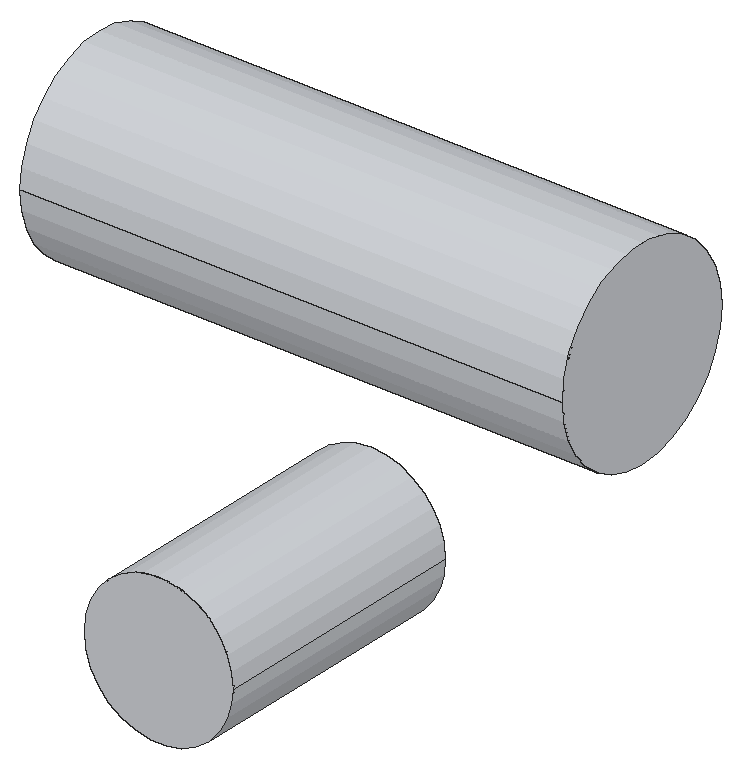
Revit family "25-HLI", category Plumbing Fixtures, Revit 2014
Parameters (values of type "25-HLI")
  Vent Connection = yes
  URL = "http://www.helvex.com.mx/contenido.php?producto=657"
  Type Comments = "Drains"
  Plate Diameter = 7.1"
  Model = "25-HLI"
  Minimum Height = 5.7"
  Maximum Height = 7.1"
  Manufacturer = "Helvex"
  Installation Thread Upper = "2\" - 11 ½\" NPSM"
  Installation Thread Lower = "1 ½\" - 11 NPSM"
  Features = "Cesspool Integrated; Double Drain Plate; Perimeter Eviction Slot 6 mm; 10 mm Maximum Thickness to Insert"
  Elevation Range = "0.16\" - 1.4\""
  Drain = Stainless Steel
  Dome = Forged Brass
  Documentation = "http://www.helvex.com.mx/productos/fichas/25-HLI.pdf"
  Description = "Floor Drain, Three Outlets, Round Head With Seat Ceramic Insert"
  CW Connection = yes
  Body = Iron, Cast
Reference planes (in)
  plane 1 "Center (Front/Back)": y = 0
  plane 2: z = 0
  plane 3 "Center (Left/Right)": x = 0
Forms (in)
  Extrusion 1, solid
    sketch origin (0, 0, -0.74895) x (0, 1, 0) y (0, 0, 1)
      loop
        circle (0, -2.70514) r 1
    from -2.729 to 2.729
  Extrusion 2, solid
    sketch origin (0, 0, -0.74895) x (1, 0, 0) y (0, 0, 1)
      loop
        circle (0, -5.25571) r 0.75
    from 0 to 2.665
Dimensions and locks (in)
  aligned and locked: level to plane 2
Connectors (in)
  piping at (2.729, 0, -3.45409), diameter 2, driven by "CW Connection"
    settings: on Extrusion 1, index 1, connector inside diameter 609.6 mm, connector length 0", flow factor 0, pipe flow 0.0 GPM, pressure drop 0.0 psi, fitting loss kfactor 0, connector angle 0.00°, fixture units 0, engagement length 0", angle of deflection 0.00°, flow configuration 2, flow direction 2, fitting loss method 0, system type 16, joint type 0, gender type 0, connector reference index -1, connector utility 1, adjustable connector no, is connector primary yes, connector description ""
  piping at (0, -2.665, -6.00467), diameter 1.5, driven by "CW Connection"
    settings: on Extrusion 2, index 2, connector inside diameter 609.6 mm, connector length 0", flow factor 0, pipe flow 0.0 GPM, pressure drop 0.0 psi, fitting loss kfactor 0, connector angle 0.00°, fixture units 0, engagement length 0", angle of deflection 0.00°, flow configuration 2, flow direction 1, fitting loss method 0, system type 16, joint type 0, gender type 0, connector reference index -1, connector utility 1, adjustable connector no, is connector primary no, connector description ""
  piping at (-2.729, 0, -3.45409), diameter 2, driven by "CW Connection"
    settings: on Extrusion 1, index 3, connector inside diameter 609.6 mm, connector length 0", flow factor 0, pipe flow 0.0 GPM, pressure drop 0.0 psi, fitting loss kfactor 0, connector angle 0.00°, fixture units 0, engagement length 0", angle of deflection 0.00°, flow configuration 2, flow direction 2, fitting loss method 0, system type 16, joint type 0, gender type 0, connector reference index -1, connector utility 1, adjustable connector no, is connector primary no, connector description ""
